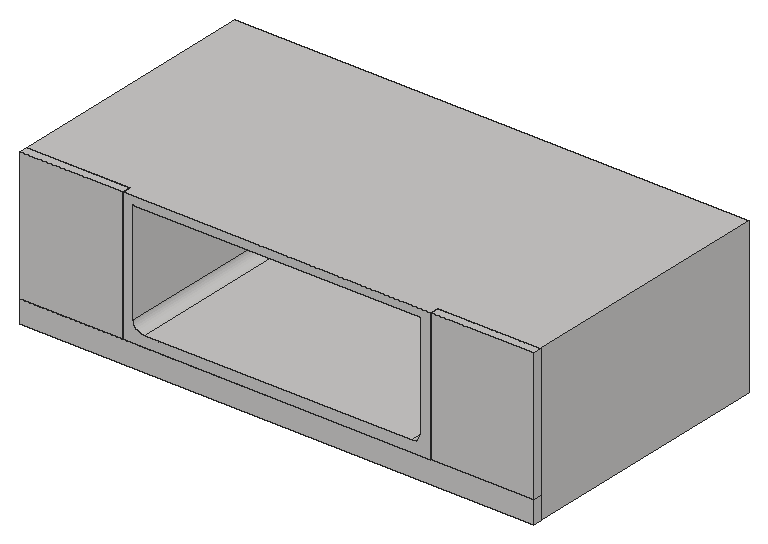
Revit family "QF_ELECTROLUXPROFESSIONAL_588576_MB1ACALOOO", category Attrezzature speciali, Revit 2020
Family settings
  Quota connettore circolare = Usa diametro
  Tipo di parte = Normale
  Basato su piano di lavoro = No
  Sempre verticale = Sì
  Taglio con vuoti quando caricato = No
  Condiviso = No
  Punto di calcolo locali = No
Parameters (values of type "Standard")
  Weight = 28.00 kg
  Watts = 0 W
  Volts = 0 V
  URL Manufacturer = "https://www.electroluxprofessional.com/"
  URL = "https://www.electroluxprofessional.com/"
  Steam Supply Size = 0"
  Steam Supply Minimum Pressure = 0.00 psi
  Steam Supply Maximum Pressure = 0.00 psi
  Steam Consumption per Hour = 0
  Refrigeration Suction Line Size = 0 mm
  Refrigeration Liquid Line Size = 0 mm
  Refrigerant Compressor Remote = yes
  Prospetto di default = 0 mm
  Phase = 0
  Modello = "MB1ACALOOO"
  Produttore = "Electrolux Professional"
  Length Actual = 1500 mm  # constant formula
  Item Number = "588576"
  Hot Water Size = 0"
  Height Actual = 450 mm  # constant formula
  HP = "0 HP"
  Gas Size = 0"
  Gas KW = 0
  Gas Input Pressure = 0.0 Btu/h
  Direct Waste Size = 0"
  Descrizione = "OPEN BASE,1-SIDE,H2-1500X850X450H"
  Depth Actual = 850 mm  # constant formula
  Cycle = 0 Hz
  Condensate Return Size = 0"
  Compressed Air Volume = 0 GPM
  Compressed Air Size = 0"
  Compressed Air Pressure = 0.00 psi
  Cold Water Size = 0"
  Accessory = yes
Reference planes
  plane 1 "BACK": y = 0
  plane 2: z = 0
  plane 3 "LEFT": x = 0
  plane 4 "RIGHT": x = 1500
  plane 5 "FRONT": y = -850
  plane 6 "PLAIN": z = 900
  plane 7 "Center (Left/Right)": x = 750
  plane 8 "Center (Front/Back)": y = -425
  plane 9 "TOP": z = 650
  plane 10 "BASE": z = 200
  plane 11: x = 1422
  plane 12: x = 78
  plane 13 "Feet_back": y = -150
  plane 14 "Feet_Front": y = -720
  plane 15: x = 300
  plane 16: x = 1200
  plane 17: z = 265
  plane 18: y = -45
  plane 19: y = -805
  plane 20: y = -70
  plane 21: y = -830
Forms (mm)
  Extrusion 1, solid, material "QF_Finishes_Stainless Steel"
    sketch origin (0, 0, 650) x (0, 1, 0) y (0, 0, 1)
      loop
        line (-45, -450) -> (-45, 0) -> (-805, 0) -> (-805, -450) -> (-45, -450)
    from 0 to 1500
  Extrusion 2, solid, material "QF_Finishes_Stainless Steel"
    sketch origin (0, 0, 650) x (0, 1, 0) y (0, 0, 1)
      loop
        line (-830, -450) -> (-805, -450) -> (-805, -385) -> (-830, -385) -> (-830, -450)
    from 0 to 1500
  Extrusion 3, void
    sketch origin (0, -850, 0) x (1, 0, 0) y (0, 0, 1)
      loop
        line (300, 650) -> (300, 265) -> (1200, 265) -> (1200, 650) -> (300, 650)
    from 0 to -780
  Extrusion 4, solid, material "QF_Finishes_Stainless Steel"
    sketch origin (0, -850, 0) x (1, 0, 0) y (0, 0, 1)
      loop
        line (330, 650) -> (330, 627) -> (1170, 627) -> (1170, 650) -> (330, 650)
    from -20 to -805
  Extrusion 5, solid, material "QF_Finishes_Stainless Steel"
    sketch origin (0, -850, 0) x (1, 0, 0) y (0, 0, 1)
      loop
        line (300, 650) -> (300, 265) -> (1200, 265) -> (1200, 650) -> (1170, 650) -> (1170, 325)
        arc (1170, 325) -> (1161.213, 303.787) -> (1140, 295) r 30
        line (1140, 295) -> (360, 295)
        arc (360, 295) -> (338.787, 303.787) -> (330, 325) r 30
        line (330, 325) -> (330, 650) -> (300, 650)
    from -20 to -780
  Extrusion 6, solid, material "QF_Finishes_Stainless Steel"
    sketch origin (0, -850, 0) x (1, 0, 0) y (0, 0, 1)
      loop
        line (0, 650) -> (0, 265) -> (300, 265) -> (300, 650) -> (0, 650)
    from -20 to -45
  Extrusion 7, solid, material "QF_Finishes_Stainless Steel"
    sketch origin (0, -850, 0) x (1, 0, 0) y (0, 0, 1)
      loop
        line (1200, 650) -> (1200, 265) -> (1500, 265) -> (1500, 650) -> (1200, 650)
    from -20 to -45
Cuts and joins
  Extrusion 3 cuts Extrusion 1
  joined: Extrusion 1, Extrusion 4, Extrusion 5
Lines and regions (mm)
  symbolic lines, style "SpecialityEquipmentHiddenLines"
    curve 1: line (0, 0, 0) -> (1500, 0, 0)
    curve 2: line (0, -850, 0) -> (0, 0, 0)
    curve 3: line (1500, -850, 0) -> (0, -850, 0)
    curve 4: line (1500, 0, 0) -> (1500, -850, 0)
Dimensions and locks
  plane 3 "LEFT" to plane 4 "RIGHT" = 1500 mm
  plane 5 "FRONT" to plane 1 "BACK" = 850 mm
  equal spacing: plane 3 "LEFT", plane 7 "Center (Left/Right)", plane 4 "RIGHT"
  equal spacing: plane 5 "FRONT", plane 8 "Center (Front/Back)", plane 1 "BACK"
  plane 6 "PLAIN" to plane 9 "TOP" = 250 mm
  plane 10 "BASE" to level = 200 mm
  plane 9 "TOP" to plane 10 "BASE" = 450 mm
  locked: plane 1 "BACK" to plane 13 "Feet_back" at 150
  locked: plane 14 "Feet_Front" to plane 5 "FRONT" at 130
  locked: plane 12 to plane 3 "LEFT" at 78
  locked: plane 11 to plane 4 "RIGHT" at 78
  plane 16 to plane 15 = 900 mm
  equal spacing: plane 16, plane 7 "Center (Left/Right)", plane 15
  locked: plane 17 to plane 10 "BASE" at 65
  locked: plane 1 "BACK" to plane 18 at 45
  plane 9 "TOP" to Extrusion 4 sketch curve = 23 mm
  locked: Extrusion 4 sketch curve to plane 15 at 30
  locked: plane 16 to Extrusion 4 sketch curve at 30
  locked: Extrusion 5 sketch curve to plane 17 at 30
  plane 6 "PLAIN" to level = 900 mm
  Extrusion 5 to Extrusion 5 = 840 mm
  locked: plane 18 to plane 20 at 25
  locked: plane 21 to plane 5 "FRONT" at 20
  locked: plane 19 to plane 21 at 25
  plane 18 to plane 21 = 785 mm
  aligned and locked: level to plane 2
  aligned and locked: Extrusion 1 to plane 4 "RIGHT"
  aligned and locked: Extrusion 1 to plane 3 "LEFT"
  aligned and locked: Extrusion 2 to plane 4 "RIGHT"
  aligned and locked: plane 9 "TOP" to Extrusion 3 sketch curve
  aligned and locked: Extrusion 3 sketch curve to plane 15
  aligned and locked: plane 16 to Extrusion 3 sketch curve
  aligned and locked: Extrusion 2 to plane 10 "BASE"
  aligned and locked: Extrusion 2 to plane 17
  aligned and locked: plane 17 to Extrusion 3 sketch curve
  aligned and locked: Extrusion 4 to plane 18
  aligned and locked: Extrusion 5 sketch curve to plane 15
  aligned and locked: plane 16 to Extrusion 5 sketch curve
  aligned and locked: plane 9 "TOP" to Extrusion 5 sketch curve  (x2)
  aligned and locked: plane 17 to Extrusion 5 sketch curve
  aligned and locked: Extrusion 5 sketch curve to Extrusion 4  (x2)
  aligned and locked: Extrusion 6 sketch curve to plane 9 "TOP"
  aligned and locked: plane 3 "LEFT" to Extrusion 6 sketch curve
  aligned and locked: Extrusion 6 sketch curve to plane 17
  aligned and locked: Extrusion 6 sketch curve to plane 15
  aligned and locked: Extrusion 7 sketch curve to plane 9 "TOP"
  aligned and locked: plane 16 to Extrusion 7 sketch curve
  aligned and locked: Extrusion 7 sketch curve to plane 17
  aligned and locked: plane 4 "RIGHT" to Extrusion 7 sketch curve
  aligned and locked: Extrusion 5 to plane 20
  aligned and locked: cut or joined group of Extrusion 1, Extrusion 3, Extrusion 4, Extrusion 5 to plane 20
  aligned and locked: cut or joined group of Extrusion 1, Extrusion 3, Extrusion 4, Extrusion 5 to plane 18
  aligned and locked: Extrusion 6 to plane 19
  aligned and locked: plane 21 to Extrusion 6
  aligned and locked: plane 21 to Extrusion 5
  aligned and locked: plane 21 to Extrusion 7
  aligned and locked: Extrusion 7 to plane 19
  aligned and locked: Extrusion 2 to plane 19
  aligned and locked: plane 21 to Extrusion 2
  aligned and locked: plane 21 to cut or joined group of Extrusion 1, Extrusion 3, Extrusion 4, Extrusion 5
Automatic sketch dimensions
  Extrusion 1 sketch curve to plane 10 "BASE" = 0 mm
  Extrusion 1 sketch curve to plane 9 "TOP" = 0 mm
  plane 1 "BACK" to Extrusion 1 sketch curve = 45 mm
  Extrusion 1 sketch curve to plane 5 "FRONT" = 45 mm
  Extrusion 2 sketch curve to plane 5 "FRONT" = 20 mm
  Extrusion 2 sketch curve to plane 9 "TOP" = 385 mm
  plane 10 "BASE" to Extrusion 2 sketch curve = 0 mm
  Extrusion 2 sketch curve to plane 5 "FRONT" = 45 mm
  Extrusion 4 sketch curve to plane 9 "TOP" = 0 mm
  Extrusion 5 sketch curve to Extrusion 5 sketch curve = 30 mm  (x2)
  curve 3 to plane 3 "LEFT" = 0 mm
  curve 3 to plane 4 "RIGHT" = 0 mm
  plane 5 "FRONT" to curve 3 = 0 mm
  plane 1 "BACK" to curve 2 = 0 mm
